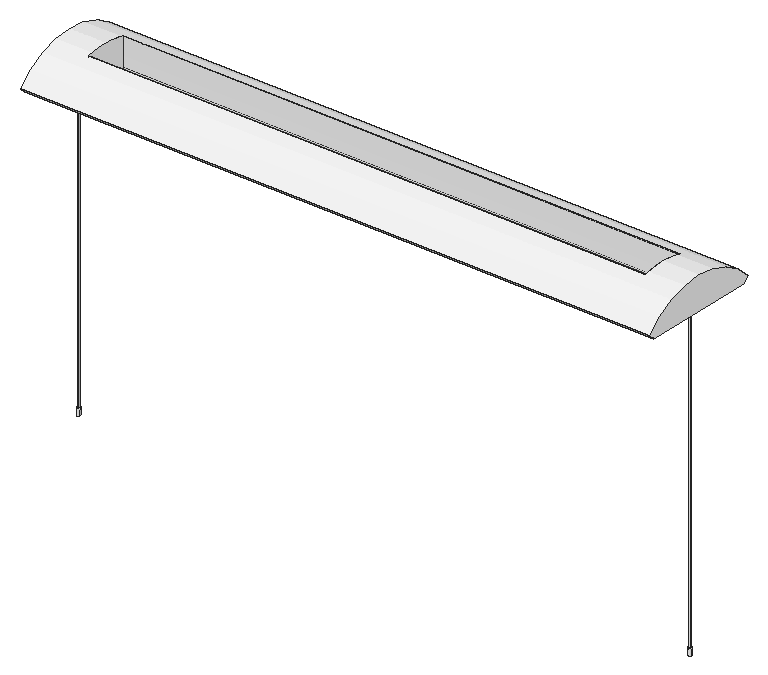
Revit family "SAE106", category Lighting Fixtures, host Face, Revit 2021
Family settings
  Host = Face
  Round Connector Dimension = Use Diameter
  Part Type = Normal
  OmniClass Number = 23.80.70.11.14.17
  OmniClass Title = Direct/Indirect
  Cut with Voids When Loaded = No
  Light Source = Yes
  Shared = Yes
  Room Calculation Point = No
Parameters (values of type "SAE106-04")
  Wattage = 13.5 W
  Warranty = "5-Years Warranty"
  built-in parameter 1150110 = 1 (stored number, unit not read)
  Voltage = 120 V
  built-in parameter 1114217 = 1 (stored number, unit not read)
  Tilt Angle = -90.00°
  built-in parameter 1150109 = 1 (stored number, unit not read)
  built-in parameter 1150134 = (empty or 0)
  built-in parameter 1150113 = 1 (stored number, unit not read)
  Power Factor = 1
  Photometric Web Link = ""
  Photometric Web File = "SAE106-P-4-SOF-35K-155-10D.IES"
  Photometric Notes = "More IES files download on Photometric Web Link"  # constant formula
  Pendant Height [instance] = 2' - 0"
  zz Length 1 = 4' - 0"
  Wattage Comments = "Up to 133 lumens/watt efficacy"  # constant formula
  URL = "https://www.currentlighting.com/litecontrol"
  Product Page URL = ""
  Model = "SAE106"  # constant formula
  Manufacturer = "Litecontrol"  # constant formula
  built-in parameter 1150105 = 123.54 (stored number, unit not read)
  Lumens = 1552.5 lm
  built-in parameter 1150115 = 1 (stored number, unit not read)
  Load Classification = Lighting
  built-in parameter 1150137 = (empty or 0)
  built-in parameter 1150139 = (empty or 0)
  built-in parameter 1150112 = 1 (stored number, unit not read)
  built-in parameter 1150114 = 1 (stored number, unit not read)
  Lamp = "LED's"  # constant formula
  built-in parameter 1150132 = (empty or 0)
  built-in parameter 1150102 = (empty or 0)
  built-in parameter 1150107 = 3500 (stored number, unit not read)
  built-in parameter 1150138 = (empty or 0)
  built-in parameter 1150106 = 1.2354 (stored number, unit not read)
  Glass = White Glass
  Emit from Rectangle Width = 0' - 4"  # constant formula
  Emit from Rectangle Length = zz Length 1 - 0' 2"  # 3' - 10"
  Emit Shape Visible in Rendering = no
  built-in parameter 1150104 = 10.684 (stored number, unit not read)
  Dimming Lamp Color Temperature Shift = <None>
  Description = "Linear Pendant Indirect/Direct"  # constant formula
  Default Elevation = 4' - 0"
  Contact Us = ""
  Color Filter = 16777215
  built-in parameter 1114218 = 1 (stored number, unit not read)
  Housing Material = Paint -  Matte White
  built-in parameter 1150133 = 10 (stored number, unit not read)
  Assembly Code = "D5020200"
  Apparent Load = 0 VA
Types (3): name | built-in parameter 1150134 | zz Length 1 | built-in parameter 1150107 | Emit from Rectangle Length
  (no name) | (empty or 0) | 4' - 0" | 3500 (stored number, unit not read) | 3' - 10"
  SAE106-04 | (empty or 0) | 4' - 0" | 3500 (stored number, unit not read) | 3' - 10"
  SAE106-08 | 3 | 8' - 0" | 3200 (stored number, unit not read) | 7' - 10"
Reference planes (in)
  plane 1 "Center (Front/Back)": y = 13.01342
  plane 2: z = 0
  plane 3 "Center (Left/Right)": x = 0
  plane 4: z = 24
  plane 5: x = -24
  plane 6: x = 24
  plane 7: x = -23.625
  plane 8: x = 23.625
  plane 9: z = 23.5
  plane 10: z = 0.5
  plane 11: z = 25
Forms (in)
  Revolve 1, solid, material "Paint -  Matte White" <- "Housing Material"
    sketch origin (-5.75, 13.01342, 0) x (-1, 0, 0) y (0, 0, 1)
      loop
        line (-29.375, 24) -> (-29.375, 0) -> (-29.25, 0) -> (-29.25, 0.5) -> (-29.3125, 0.5) -> (-29.3125, 23.5) -> (-29.25, 23.5) -> (-29.25, 24) -> (-29.375, 24)
      axis (-29.375, 24) -> (-29.375, 0)
    angle from 0 to 360
  Revolve 2, solid, material "Paint -  Matte White" <- "Housing Material"
    sketch origin (5.75, 13.01342, 0) x (1, 0, 0) y (0, 0, 1)
      loop
        line (-29.375, 24) -> (-29.375, 0) -> (-29.25, 0) -> (-29.25, 0.5) -> (-29.3125, 0.5) -> (-29.3125, 23.5) -> (-29.25, 23.5) -> (-29.25, 24) -> (-29.375, 24)
      axis (-29.375, 24) -> (-29.375, 0)
    angle from 0 to 360
Dimensions and locks (in)
  "Pendant Height": plane 4 to level
  equal spacing: plane 6, plane 3 "Center (Left/Right)", plane 5
  "zz Length 1": plane 6 to plane 5
  locked: plane 4 to plane 9 at 0.5
  locked: plane 10 to plane 2 at 0.5
  locked: plane 7 to plane 5 at 0.375
  locked: plane 6 to plane 8 at 0.375
  locked: plane 11 to plane 4 at 1
  aligned and locked: plane 2 to host face
  aligned and locked: level to host face
  aligned and locked: Revolve 1 sketch curve to Revolve 1 sketch curve
  aligned and locked: Revolve 1 sketch curve to plane 8
  aligned and locked: plane 4 to Revolve 1 sketch curve
  aligned and locked: Revolve 1 sketch curve to level
  aligned and locked: plane 3 "Center (Left/Right)" to nested 1
  aligned and locked: plane 1 "Center (Front/Back)" to nested 1
  aligned and locked: Revolve 2 sketch curve to Revolve 2 sketch curve
  aligned and locked: plane 9 to Revolve 2
  aligned and locked: plane 10 to Revolve 2
  aligned and locked: Revolve 1 to plane 9
  aligned and locked: Revolve 1 to plane 10
  aligned and locked: plane 3 "Center (Left/Right)" to imposter light
  aligned and locked: plane 11 to imposter light
Automatic sketch dimensions
  host sketch curve to host sketch curve = 8' - 0"  (x2)
  plane 8 to Revolve 1 sketch curve = 0' - 0 1/16"
  Revolve 1 sketch curve to level = 0' - 0 1/2"
  Revolve 1 sketch curve to Revolve 1 sketch curve = 0' - 0 1/16"  (x2)
  plane 4 to Revolve 1 sketch curve = 0' - 0 1/2"
  Revolve 1 sketch curve to Revolve 1 sketch curve = 0' - 0.66777"
  Revolve 1 sketch curve to Revolve 1 sketch curve = 0' - 9.83778"
  Revolve 2 sketch curve to plane 4 = 0' - 0"
  Revolve 2 sketch curve to plane 7 = 0' - 0"
  Revolve 2 sketch curve to level = 0' - 0"
  plane 7 to Revolve 2 sketch curve = 0' - 0 1/16"
  level to Revolve 2 sketch curve = 0' - 0 1/2"
  Revolve 2 sketch curve to Revolve 2 sketch curve = 0' - 0 1/16"  (x2)
  Revolve 2 sketch curve to plane 4 = 0' - 0 1/2"
  Revolve 2 sketch curve to Revolve 2 sketch curve = 0' - 0.66777"
  Revolve 2 sketch curve to Revolve 2 sketch curve = 0' - 9.83778"
Nested families (in)
  nested 1: "106" at (-0.01104, 12.97343, 24), Glass <- "Glass", Backbox <- "Housing Material", Length <- "zz Length 1", type "106"
    with Length 4' - 0", Glass White Glass, Backbox Paint -  Matte White
Connectors (in)
  electrical at (0, 13.01342, 24), driven by "Load Classification", driven by "Voltage", driven by "Apparent Load", driven by "Power Factor"
    settings: on nested 1, index 1, voltage 120 V, apparent load 0 VA, apparent load phase1 0 VA, apparent load phase2 0 VA, apparent load phase3 0 VA, power factor 1, load classification "Lighting", number of poles 1, system type 30, power factor state 1, is connector primary yes, connector utility no, sub classification motor no, connector description "Lighting Connector"
Definition of nested family "106"
  Parameters
    Wattage Comments = ""
    URL = ""
    Model = ""
    Manufacturer = ""
    Length [instance] = 4' - 0"
    Lamp = ""
    Glass [instance] = none
    Description = ""
    Default Elevation = 4' - 0"
    Backbox [instance] = none
    Apparent Load = 0 VA
  Reference planes (in)
    plane 1 "Center (Front/Back)": y = 0.03999
    plane 2: z = 0
    plane 3 "Center (Left/Right)": x = 0.01104
    plane 4: x = -23.98896
    plane 5: x = 24.01104
    plane 6: x = -21.48896
    plane 7: x = 21.51104
    plane 8: y = 4.78999
    plane 9: y = -4.71001
    plane 10: z = 2.5
    plane 11: through (0, -3.14199, -1.17639) normal (0, 0.7071, 0.7071)
    plane 12: through (0, 3.13326, -1.26511) normal (0, 0.7071, -0.7071)
    plane 13: x = -24.30146
    plane 14: x = 24.32354
  Forms (in)
    Extrusion 1, solid
      sketch origin (0, 0, 0.06357) x (1, 0, 0) y (0, 1, 0)
        loop
          line (-48, 48) -> (-48, -48) -> (48, -48) -> (48, 48) -> (-48, 48)
      from -0.06357 to -12.81105
    Extrusion 2, solid, material <- "Backbox"
      sketch origin (0.01104, 0.07998, 2.5) x (0, -1, 0) y (0, 0, -1)
        loop
          line (4.39836, 2.5) -> (-4.31838, 2.5) -> (-4.71001, 2.10837)
          arc (-4.71001, 2.10837) -> (0.03999, 0) -> (4.78999, 2.10837) r 6.40488
          line (4.78999, 2.10837) -> (4.39836, 2.5)
      from -24.3125 to 24.3125
    Extrusion 3, void
      sketch origin (0.01104, 0.07998, 2.5) x (0, -1, 0) y (0, 0, -1)
        loop
          line (1.68517, -0.16098) -> (1.68517, 2.5) -> (-1.60518, 2.5) -> (-1.60518, -0.16098) -> (1.68517, -0.16098)
      from -21.5 to 21.5
    Extrusion 4, solid, material <- "Glass"
      sketch origin (0.01104, 0.07998, 2.5) x (0, -1, 0) y (0, 0, -1)
        loop
          line (1.68517, 0.2707) -> (1.68517, 2.375) -> (-1.60518, 2.375) -> (-1.60518, 0.2707)
          arc (-1.60518, 0.2707) -> (0.03999, 0.05391) -> (1.68517, 0.2707) r 6.35097
      from -21.5 to 21.5
  Cuts and joins
    Extrusion 3 cuts Extrusion 2
  Dimensions and locks (in)
    "Length": plane 5 to plane 4
    locked: plane 6 to plane 4 at 2.5
    locked: plane 5 to plane 7 at 2.5
    equal spacing: plane 5, plane 3 "Center (Left/Right)", plane 4
    equal spacing: plane 8, plane 1 "Center (Front/Back)", plane 9
    plane 8 to plane 9 = 0' - 9 1/2"
    plane 10 to plane 2 = 0' - 2 1/2"
    locked: plane 4 to plane 13 at 0.3125
    locked: plane 14 to plane 5 at 0.3125
    radius of Extrusion 2 sketch curve = 0' - 6.40488"
    aligned and locked: plane 2 to Extrusion 1
    aligned and locked: plane 11 to Extrusion 2 sketch curve
    aligned and locked: plane 12 to Extrusion 2 sketch curve
    aligned and locked: Extrusion 3 to plane 6
    aligned and locked: plane 7 to Extrusion 3
    aligned and locked: Extrusion 4 to plane 6
    aligned and locked: plane 7 to Extrusion 4
    aligned and locked: plane 2 to Extrusion 2 sketch curve
    aligned and locked: Extrusion 2 to plane 13
    aligned and locked: Extrusion 2 to plane 14
    aligned and locked: plane 2 to Extrusion 3 sketch curve
    aligned and locked: Extrusion 4 sketch curve to cut or joined group of Extrusion 2, Extrusion 3  (x2)
  Automatic sketch dimensions
    Extrusion 1 sketch curve to Extrusion 1 sketch curve = 8' - 0"  (x2)
    Extrusion 2 sketch curve to plane 8 = 0' - 0"
    Extrusion 2 sketch curve to plane 9 = 0' - 0"
    level to Extrusion 4 sketch curve = 0' - 0 1/8"
    Extrusion 4 sketch curve to plane 1 "Center (Front/Back)" = 0' - 0"
    Extrusion 4 sketch curve to plane 10 = 0' - 0.2707"
    Extrusion 4 sketch curve to level = 0' - 3.90488"
    plane 10 to Extrusion 3 sketch curve = 0' - 0.16098"
    Extrusion 3 sketch curve to plane 1 "Center (Front/Back)" = 0' - 1.64517"
    plane 1 "Center (Front/Back)" to Extrusion 3 sketch curve = 0' - 1.64517"
